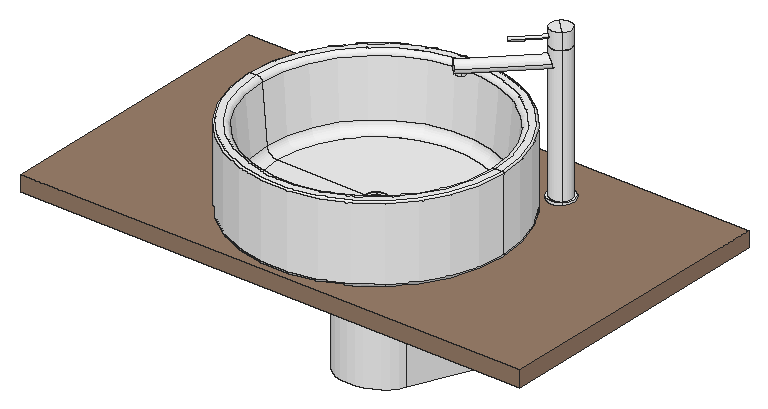
Revit family
Parameters
  탭 높이 = 300 mm
  선반 두께 = 30 mm
  선반 길이 = 980 mm
  선반 깊이 = 560 mm
  재료 탭 및 장치 = 금속 - 크롬 광택
  재료 싱크대 = 자기
  재료 선반 = 목재 - 호두나무, 내츄럴
  Manufacturer = ""
  Assembly Code = ""
Reference planes
  plane 1 "중심(앞/뒤)": y = 0
  plane 2: z = 0
  plane 3 "중심(왼쪽/오른쪽)": x = 24.85
  plane 4: x = -465.15
  plane 5: x = 514.85
  plane 6: y = -560
  plane 7: y = -300
Forms (mm)
  Extrusion 1, solid, material "목재 - 호두나무, 내츄럴" <- "재료 선반"
    sketch origin (0, 0, 0) x (1, 0, 0) y (0, 1, 0)
      loop
        line (-465.15, 0) -> (-465.15, -560) -> (514.85, -560) -> (514.85, 0) -> (-465.15, 0)
    from 0 to -30
  Revolve 2, solid, material "자기" <- "재료 싱크대"
    sketch origin (-373.715, -300, 4000) x (-1, 0, 0) y (0, 0, 1)
      loop
        line (-381.565, -4000) -> (-153.565, -4000)
        arc (-153.565, -4000) -> (-150.03, -3998.536) -> (-148.565, -3995) r 5
        line (-148.565, -3995) -> (-148.565, -3853)
        arc (-148.565, -3853) -> (-149.444, -3850.879) -> (-151.565, -3850) r 3
        line (-151.565, -3850) -> (-164.402, -3850)
        arc (-164.402, -3850) -> (-171.158, -3852.627) -> (-174.364, -3859.128) r 10
        line (-174.364, -3859.128) -> (-183.779, -3966.743)
        arc (-183.779, -3966.743) -> (-190.191, -3979.746) -> (-203.703, -3985) r 20
        line (-203.703, -3985) -> (-376.565, -3985) -> (-376.565, -3986.535) -> (-381.565, -3986.535) -> (-381.565, -4000)
      axis (-398.565, -4000) -> (-398.565, -3850)
    angle from 0 to 360
  Revolve 3, solid, material "금속 - 크롬 광택" <- "재료 탭 및 장치"
    sketch origin (-373.715, -300, 4000) x (-1, 0, 0) y (0, 0, 1)
      loop
        line (-384.827, -3985) -> (-384.827, -3996.275) -> (-398.565, -3996.275) -> (-398.565, -4000) -> (-381.565, -4000) -> (-381.565, -3986.535) -> (-376.565, -3986.535) -> (-376.565, -3985) -> (-384.827, -3985)
      axis (-398.565, -4000) -> (-398.565, -3985)
    angle from 0 to 360
  Extrusion 4, solid, material "금속 - 크롬 광택" <- "재료 탭 및 장치"
    sketch origin (0, 0, 0) x (1, 0, 0) y (0, 1, 0)
      loop
        arc (-44.237, -311.271) -> (24.85, -370) -> (93.937, -311.271) r 70
        line (93.937, -311.271) -> (144.718, 0) -> (-95.018, 0) -> (-44.237, -311.271)
    from -30 to -335.824
  Extrusion 5, void
    sketch origin (24.85, 0, 0) x (0, 1, 0) y (0, 0, 1)
      loop
        line (-380, -335.824) -> (0, -335.824) -> (-380, -275.824) -> (-380, -335.824)
    from -182.71 to 165.115
Cuts and joins
  Extrusion 5 cuts Extrusion 1
  Extrusion 5 cuts Revolve 2
  Extrusion 5 cuts Revolve 3
  Extrusion 5 cuts Extrusion 4
Lines and regions (mm)
  Masking region 1
    outline origin (0, 0, 0) x (1, 0, 0) y (0, 1, 0)
      loop
        line (-465.15, 0) -> (-465.15, -560) -> (514.85, -560) -> (514.85, 0) -> (-465.15, 0)
  symbolic lines
    curve 1: circle (24.85, -300, 0) r 17 normal (0, 0, 1)
    curve 2: arc (193.127, -115.114, 0) -> (-152.405, -476.297, 0) -> (210.644, -132.727, 0) r 250
    curve 3: arc (172.149, -136.589, 0) -> (-131.472, -454.801, 0) -> (189.693, -154.306, 0) r 220
    curve 4: circle (24.85, -300, 0) r 13.738 normal (0, 0, 1)
    curve 5: circle (24.85, -300, 0) r 22 normal (0, 0, 1)
    curve 6: circle (226.375, -98.475, 0) r 20 normal (0, 0, 1)
    curve 7: line (166.241, -154.366, 0) -> (170.483, -158.609, 0)
    curve 8: line (170.483, -158.609, 0) -> (214.514, -114.578, 0)
    curve 9: line (166.241, -154.366, 0) -> (210.272, -110.335, 0)
    curve 10: line (100.717, -207.163, 0) -> (117.687, -224.133, 0)
    curve 11: line (117.687, -224.133, 0) -> (223.547, -118.274, 0)
    curve 12: line (100.717, -207.163, 0) -> (206.576, -101.303, 0)
    curve 13: arc (203.201, -104.679, 0) -> (243.188, -81.662, 0) -> (220.171, -121.649, 0) r 23.891
    curve 14: line (-465.15, 0, 0) -> (514.85, 0, 0)
    curve 15: line (-465.15, -560, 0) -> (-465.15, 0, 0)
    curve 16: line (514.85, -560, 0) -> (-465.15, -560, 0)
    curve 17: line (514.85, 0, 0) -> (514.85, -560, 0)
Dimensions and locks
  equal spacing: plane 4, plane 3 "중심(왼쪽/오른쪽)", plane 5
  "선반 길이": plane 4 to plane 5
  "선반 깊이": plane 6 to plane 1 "중심(앞/뒤)"
  "선반 두께": level to Extrusion 1
  plane 3 "중심(왼쪽/오른쪽)" to Revolve 2 sketch curve = 250 mm
  aligned and locked: Extrusion 4 to Extrusion 1
  aligned and locked: Extrusion 4 sketch curve to plane 1 "중심(앞/뒤)"
  aligned and locked: Masking region 1 sketch curve to cut or joined group of Extrusion 1, Extrusion 5  (x3)
  aligned and locked: cut or joined group of Extrusion 1, Extrusion 5 to Masking region 1 sketch curve
  aligned and locked: curve 14 to cut or joined group of Extrusion 1, Extrusion 5  (x2)
  aligned and locked: cut or joined group of Extrusion 1, Extrusion 5 to curve 17
  aligned and locked: curve 17 to cut or joined group of Extrusion 1, Extrusion 5
Automatic sketch dimensions
  Extrusion 1 sketch curve to plane 4 = 0 mm
  Extrusion 1 sketch curve to plane 5 = 0 mm
  Extrusion 1 sketch curve to plane 6 = 0 mm
  Extrusion 1 sketch curve to plane 1 "중심(앞/뒤)" = 0 mm
  Revolve 2 sketch curve to plane 3 "중심(왼쪽/오른쪽)" = 0 mm
  Revolve 2 sketch curve to level = 0 mm
  Revolve 2 sketch curve to plane 3 "중심(왼쪽/오른쪽)" = 17 mm
  Revolve 2 sketch curve to Revolve 2 sketch curve = 5 mm  (x2)
  level to Revolve 2 sketch curve = 35 mm
  Revolve 2 sketch curve to Revolve 2 sketch curve = 19.924 mm
  Revolve 2 sketch curve to Revolve 2 sketch curve = 9.415 mm
  Revolve 2 sketch curve to Revolve 2 sketch curve = 9.962 mm
  Revolve 2 sketch curve to Revolve 2 sketch curve = 30.214 mm
  Revolve 2 sketch curve to Revolve 2 sketch curve = 12.837 mm
  Revolve 2 sketch curve to level = 50 mm
  level to Revolve 2 sketch curve = 13.465 mm
  Revolve 2 sketch curve to Revolve 2 sketch curve = 1.535 mm
  Revolve 2 sketch curve to Revolve 2 sketch curve = 41.535 mm
  Revolve 2 sketch curve to Revolve 2 sketch curve = 106.743 mm
  Revolve 2 sketch curve to Revolve 2 sketch curve = 0.872 mm
  Revolve 3 sketch curve to level = 0 mm
  Revolve 3 sketch curve to plane 3 "중심(왼쪽/오른쪽)" = 0 mm  (x2)
  level to Revolve 3 sketch curve = 3.725 mm
  Revolve 3 sketch curve to Revolve 3 sketch curve = 13.738 mm
  Revolve 3 sketch curve to Revolve 3 sketch curve = 3.262 mm
  Revolve 3 sketch curve to Revolve 3 sketch curve = 5 mm
  Revolve 3 sketch curve to level = 6.992 mm
  Revolve 3 sketch curve to Revolve 3 sketch curve = 9.74 mm
  Revolve 3 sketch curve to Revolve 3 sketch curve = 1.535 mm
  Revolve 3 sketch curve to Revolve 3 sketch curve = 12.012 mm
  Extrusion 5 sketch curve to plane 1 "중심(앞/뒤)" = 0 mm
  Extrusion 5 sketch curve to plane 7 = 80 mm
  Extrusion 5 sketch curve to level = 335.824 mm
  Extrusion 5 sketch curve to Extrusion 5 sketch curve = 60 mm
  Extrusion 4 sketch curve to plane 3 "중심(왼쪽/오른쪽)" = 0 mm
  Extrusion 4 sketch curve to plane 7 = 0 mm
  Extrusion 4 sketch curve to plane 7 = 11.271 mm  (x2)
  Extrusion 4 sketch curve to plane 3 "중심(왼쪽/오른쪽)" = 69.087 mm
  Extrusion 4 sketch curve to plane 3 "중심(왼쪽/오른쪽)" = 119.868 mm
  plane 3 "중심(왼쪽/오른쪽)" to Extrusion 4 sketch curve = 119.868 mm
  curve 1 to curve 2 = 0 mm  (x2)
  curve 1 to curve 3 = 0 mm  (x2)
  curve 1 to curve 4 = 0 mm  (x2)
  curve 1 to curve 5 = 0 mm  (x2)
  curve 3 to plane 3 "중심(왼쪽/오른쪽)" = 0 mm
  curve 3 to plane 7 = 0 mm
  plane 3 "중심(왼쪽/오른쪽)" to curve 12 = 75.867 mm
  plane 7 to curve 11 = 75.867 mm
  curve 10 to curve 11 = 16.971 mm
  curve 10 to curve 9 = 65.524 mm
  curve 7 to curve 8 = 4.243 mm
  curve 7 to curve 3 = 5.908 mm
  curve 7 to curve 3 = 19.21 mm
  curve 3 to curve 2 = 20.979 mm
  curve 2 to curve 13 = 10.074 mm
  plane 1 "중심(앞/뒤)" to curve 12 = 101.303 mm
  curve 13 to curve 12 = 3.376 mm
  plane 1 "중심(앞/뒤)" to curve 9 = 110.335 mm
  curve 13 to curve 9 = 7.071 mm
  curve 9 to curve 2 = 0.372 mm
  plane 1 "중심(앞/뒤)" to curve 8 = 114.578 mm
  curve 9 to curve 8 = 4.243 mm
  curve 13 to curve 11 = 3.376 mm
  curve 13 to curve 6 = 0.081 mm
  curve 7 to curve 3 = 4.303 mm
  curve 2 to curve 13 = 11.077 mm
  radius of curve 1 = 17 mm
  radius of curve 4 = 13.738 mm
  radius of curve 5 = 22 mm
Nested families
  nested 1: "UK_Mdrn 탭 스타일 C" at (226.375, -98.475, 0) x (0.7071, -0.7071, 0) z (0, 0, 1), type "UK_Mdrn 탭 스타일 C"
Definition of nested family "UK_Mdrn 탭 스타일 C"
  Parameters (values of type "UK_Mdrn 탭 스타일 C")
    탭 높이 = 300 mm
    재료 탭 = 금속 - 크롬 광택
    Manufacturer = ""
    Assembly Code = ""
  Reference planes
    plane 1 "중심(앞/뒤)": y = 0
    plane 2: z = 0
    plane 3 "중심(왼쪽/오른쪽)": x = 0
  Forms (mm)
    Revolve 1, solid, material "금속 - 크롬 광택" <- "재료 탭"
      sketch origin (0, 0, 0) x (1, 0, 0) y (0, 0, 1)
        loop
          line (0, 0) -> (0, 300) -> (-20, 300) -> (-20, 270) -> (-18, 270) -> (-18, 268) -> (-20, 268) -> (-20, 4) -> (-25, 4) -> (-25, 0) -> (0, 0)
        axis (0, 0) -> (0, 300)
      angle from 0 to 360
    Extrusion 2, solid, material "금속 - 크롬 광택" <- "재료 탭"
      sketch origin (0, 0, 0) x (1, 0, 0) y (0, 0, 1)
        loop
          circle (0, 283.268) r 3
      from 0 to 82.043
    Extrusion 3, solid, material "금속 - 크롬 광택" <- "재료 탭"
      sketch origin (0, 0, 0) x (1, 0, 0) y (0, 0, 1)
        loop
          circle (0, 240.642) r 12
      from 0 to 165.708
    Extrusion 4, void
      sketch origin (0, 0, -1.47) x (0, -1, 0) y (0, 0, 1)
        loop
          line (165.708, 229.642) -> (165.708, 234.642) -> (140.708, 234.642) -> (140.708, 229.642) -> (165.708, 229.642)
      from -15.058 to 15.415
    Extrusion 5, solid, material "금속 - 크롬 광택" <- "재료 탭"
      sketch origin (0, 0, 0) x (1, 0, 0) y (0, 1, 0)
        loop
          circle (0, -154.43) r 8
      from 227.072 to 233.172
  Cuts and joins
    Extrusion 4 cuts Revolve 1
    joined: Revolve 1, Extrusion 5
    Extrusion 4 cuts Extrusion 2
    Extrusion 4 cuts Extrusion 3
  Dimensions and locks
    "탭 높이": Revolve 1 sketch curve to level
    locked: Extrusion 4 sketch curve to Extrusion 4 sketch curve at 5
    locked: cut or joined group of Revolve 1, Extrusion 4, Extrusion 5 to Extrusion 5 at 6.1
    locked: cut or joined group of Revolve 1, Extrusion 4, Extrusion 5 to Extrusion 2 sketch curve at 16.732
    locked: cut or joined group of Revolve 1, Extrusion 4, Extrusion 5 to Extrusion 3 sketch curve at 59.358
    locked: cut or joined group of Revolve 1, Extrusion 4, Extrusion 5 to cut or joined group of Extrusion 3, Extrusion 4 at 66.828
    aligned and locked: Extrusion 2 to plane 1 "중심(앞/뒤)"
    aligned and locked: Extrusion 3 to plane 1 "중심(앞/뒤)"
    aligned and locked: cut or joined group of Revolve 1, Extrusion 4, Extrusion 5 to Extrusion 5
  Automatic sketch dimensions
    Revolve 1 sketch curve to level = 0 mm
    Revolve 1 sketch curve to plane 3 "중심(왼쪽/오른쪽)" = 0 mm  (x2)
    Revolve 1 sketch curve to plane 3 "중심(왼쪽/오른쪽)" = 18 mm
    Revolve 1 sketch curve to Revolve 1 sketch curve = 2 mm  (x2)
    Revolve 1 sketch curve to Revolve 1 sketch curve = 0 mm
    Revolve 1 sketch curve to Revolve 1 sketch curve = 5 mm
    Revolve 1 sketch curve to level = 25 mm
    level to Revolve 1 sketch curve = 4 mm
    Revolve 1 sketch curve to Revolve 1 sketch curve = 32 mm
    Revolve 1 sketch curve to Revolve 1 sketch curve = 24 mm
    Extrusion 2 sketch curve to plane 3 "중심(왼쪽/오른쪽)" = 0 mm
    Extrusion 3 sketch curve to plane 3 "중심(왼쪽/오른쪽)" = 0 mm
    Extrusion 4 sketch curve to Extrusion 4 sketch curve = 25 mm
    Extrusion 5 sketch curve to plane 3 "중심(왼쪽/오른쪽)" = 0 mm
    level to Extrusion 4 sketch curve = 228.172 mm
    plane 1 "중심(앞/뒤)" to Extrusion 4 sketch curve = 140.708 mm
    plane 1 "중심(앞/뒤)" to Extrusion 5 sketch curve = 154.43 mm
    radius of Extrusion 2 sketch curve = 3 mm
    radius of Extrusion 3 sketch curve = 12 mm
    radius of Extrusion 5 sketch curve = 8 mm
